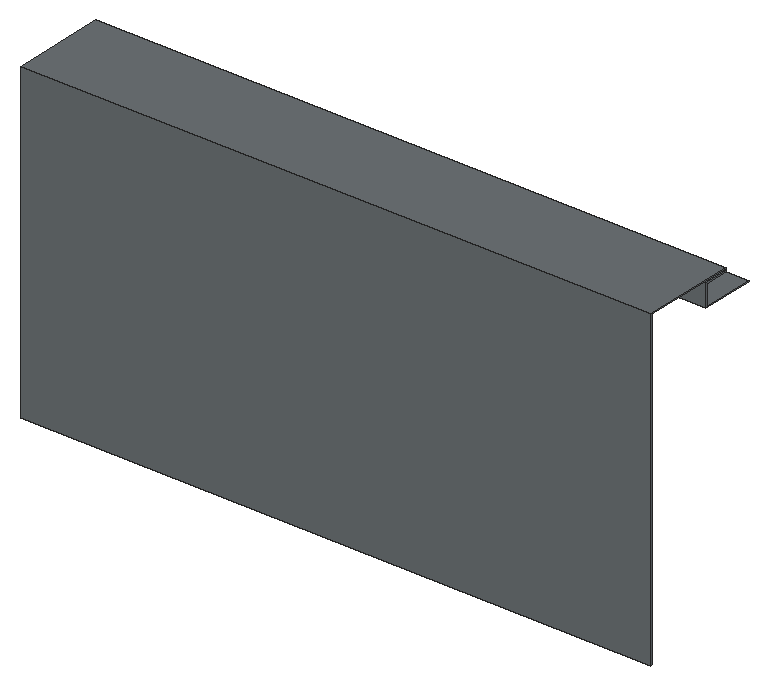
Revit family "BIMLIB_ПланкаОколооконнаяСложная_GRANDLINE", category Обобщенные модели, Revit 2017
Family settings
  Может служить основой для арматурных стержней = Нет
  Размер круглого соединителя = Использовать диаметр
  Тип детали = Нормальный
  При загрузке вырезать с полостями = Нет
  Общий = Нет
  Точка расчета площади = Нет
Parameters (values of type "250х75")
  Смещение от плоскости [instance] = 0 mm
  Профиль_Глубина = 250 mm
  Профиль_Высота = 75 mm
  Описание = ADSK_Наименование  # "Околооконная планка сложная 250х75"
  Изготовитель = "Grand Line"  # constant formula
  built-in parameter 1001306 [instance] = 500 mm
  Watermark [instance] = "Модели защищены уникальным кодом"
  URL = "https://www.grandline.ru"
  BL_Разработано = "support@bimlib.pro"
  BL_Email = "info@grandline.ru"
  BL_BIM library = "https://bimlib.pro/manufacturer/company/22430"
  ADSK_Размер_Длина [instance] = [built-in parameter 1001306]  # 500 mm
  ADSK_Обозначение = "ГОСТ 19904-90, ГОСТ 14918-80"
  ADSK_Наименование = "Околооконная планка сложная 250х75"
  ADSK_Материал тип подсчета = 1  # constant formula
  ADSK_Материал = GL_Drap_RAL7016
  ADSK_Масса_Текст [instance] = ""
  ADSK_Масса [instance] = 0
  ADSK_Марка = ""
  ADSK_Количество [instance] = if(ADSK_Материал тип подсчета = 0, 1, if(ADSK_Материал тип подсчета = 1, ADSK_Размер_Длина / 1000 mm, 0))  # 0.5
  ADSK_Код изделия = "M12.102.008"
  ADSK_Завод-изготовитель = "Grand Line"  # constant formula
  ADSK_Единица измерения = "м"  # constant formula
  ADSK_Группирование = "Доборные элементы"  # constant formula
  ADSK_Версия Revit = "2017"  # constant formula
  ADSK_URL страницы изделия = "https://www.grandline.ru/planka-okolookonnaya-slozhnaya-250kh75-0-4-pe-foil-ral-1014-58874.html"
  ADSK_URL документации изделия = "https://www.grandline.ru/uploads/files/chertezhi_vse/dobornye_elementy/de_saiyding_fasad/Okolookonnaia_planka_slozhnaia_250x75x18.jpg"
Types (4, lengths in mm): name | Профиль_Глубина | Профиль_Высота | Описание | ADSK_Наименование | ADSK_Код изделия | ADSK_URL страницы изделия | ADSK_URL документации изделия
  200х75 | 200 | 75 | "Околооконная планка сложная 200х75" | "Околооконная планка сложная 200х75" | "M12.102.006" | "https://www.grandline.ru/planka-okolookonnaya-slozhnaya-200kh75-0-4-pe-foil-ral-3005-56967.html" | "https://www.grandline.ru/uploads/files/chertezhi_vse/dobornye_elementy/de_saiyding_fasad/Okolookonnaia_planka_slozhnaia_200x75x18.jpg"
  200х50 | 200 | 50 | "Околооконная планка сложная 200х50" | "Околооконная планка сложная 200х50" | "M12.102.005" | "https://www.grandline.ru/planka-okolookonnaa-sloznaa-200h50h18-j-faska-04-pe-s-plenkoj-ral-1014-slonovaa-kost-378262.html" | "https://www.grandline.ru/uploads/files/chertezhi_vse/dobornye_elementy/de_saiyding_fasad/Okolookonnaia_planka_slozhnaia_200%D1%8550%D1%8518.jpg"
  250х50 | 250 | 50 | "Околооконная планка сложная 250х50" | "Околооконная планка сложная 250х50" | "M12.102.007" | "https://www.grandline.ru/planka-okolookonnaya-slozhnaya-250kh50-0-5-satin-foil-ral-9003-106987.html" | "https://www.grandline.ru/uploads/files/chertezhi_vse/dobornye_elementy/de_saiyding_fasad/Okolookonnaia_planka_slozhnaia_250%D1%8550%D1%8518.jpg"
  250х75 | 250 | 75 | "Околооконная планка сложная 250х75" | "Околооконная планка сложная 250х75" | "M12.102.008" | "https://www.grandline.ru/planka-okolookonnaya-slozhnaya-250kh75-0-4-pe-foil-ral-1014-58874.html" | "https://www.grandline.ru/uploads/files/chertezhi_vse/dobornye_elementy/de_saiyding_fasad/Okolookonnaia_planka_slozhnaia_250x75x18.jpg"
Reference planes
  plane 1 "По центру (Вперед/Назад)": y = 0
  plane 2: z = 0
  plane 3 "Слева": x = 0
  plane 4 "Справа": x = 500
Forms (mm)
  Sweep 1, solid, material "GL_Drap_RAL7016" <- "ADSK_Материал"
    path in 3D
      loop
        line (0, 0, 0) -> (500, 0, 0)
    profile "Профиль_ПланкаОколооконнаяСложная : Профиль" origin (250, 0, 0) x (0, 1, 0) y (0, 0, 1)
      loop
        line (74.2, 19.4) -> (74.2, 18) -> (55, 18) -> (55, 0) -> (97, 0) -> (97, 0.8) -> (55.8, 0.8) -> (55.8, 17.2) -> (75, 17.2) -> (75, 20.2) -> (0, 20.2) -> (0, -229.8) -> (0.8, -229.8) -> (0.8, 19.4) -> (74.2, 19.4)
Lines and regions (mm)
  reference lines
    curve 1: line (0, 0, 0) -> (500, 0, 0)
  sketch lines
    curve 2: line (0, 0, 0) -> (500, 0, 0)
Dimensions and locks
  "built-in parameter 1001306": plane 3 "Слева" to plane 4 "Справа"
  aligned and locked: plane 4 "Справа" to curve 1
  aligned and locked: plane 1 "По центру (Вперед/Назад)" to curve 1
  aligned and locked: plane 3 "Слева" to curve 1
  aligned and locked: level to plane 2
